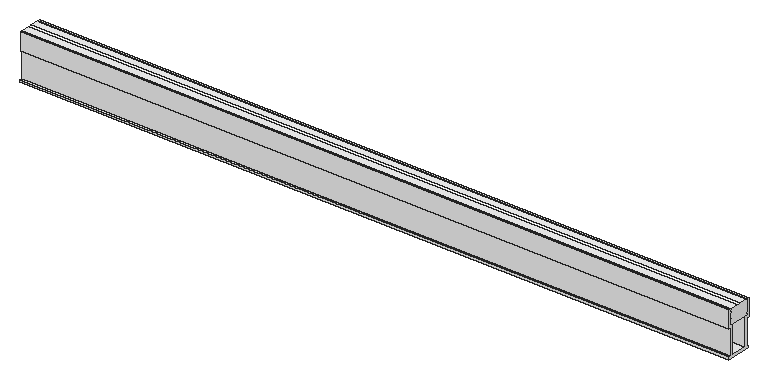
Revit family "4070755+4070745 Feilo Sylvania Lighting Fixture CURSUS 876MM 577LM WIDE LED 4K with FRAMED ROUGH IN HOUSING", category Lighting Fixtures, host Face, Revit 2017
Family settings
  Host = Face
  Round Connector Dimension = Use Diameter
  Part Type = Normal
  OmniClass Number = 23.80.70.14
  OmniClass Title = Luminaries for External Lighting
  Cut with Voids When Loaded = Yes
  Light Source = Yes
  Shared = No
  Room Calculation Point = No
Parameters (values of type "4070755 CURSUS 876MM 577LM WIDE LED 4K")
  Width = 30 mm
  Weight = "1.7 kg"
  Wattage Comments = "n/a"
  Wattage = 13.5 W
  WarrantyStartDate [instance] = "n/a"
  WarrantyGuarantorParts = "n/a"
  WarrantyDurationUnit = "n/a"
  WarrantyDurationParts = "n/a"
  WarrantyDescription = "n/a"
  built-in parameter 1150110 = 1 (stored number, unit not read)
  Voltage = 24 V
  URL = "http://www.sylvania-lighting.com"
  TypeName = "CURSUS 876MM 577LM WIDE LED 4K"
  Type Image = <None>
  Type Comments = "n/a"
  built-in parameter 1114217 = 1 (stored number, unit not read)
  Tilt Angle = -90.00°
  built-in parameter 1150109 = 1 (stored number, unit not read)
  built-in parameter 1150134 = 12
  built-in parameter 1150113 = 1 (stored number, unit not read)
  SerialNumber [instance] = "n/a"
  Material_3_FEILO = none
  PowerFactor = 0
  PowerConsumption = "13.5 W"
  Photometric Web File = "4070755.ies"
  NominalLength = 876 mm
  NominalHeight = 50 mm
  NominalDepth = Width  # 30 mm
  Name = "CURSUS 876MM 577LM WIDE LED 4K"
  ModelReference = Name  # "CURSUS 876MM 577LM WIDE LED 4K"
  ModelNumber = "4070755"
  Model = Name  # "CURSUS 876MM 577LM WIDE LED 4K"
  Material = "natural anodised extruded aluminium structure housing"
  ManufacturerName = "Feilo Sylvania"
  Manufacturer = "Feilo Sylvania"
  LuminousEfficacy = "42.74 lm/W"
  built-in parameter 1150105 = 318.43 (stored number, unit not read)
  Lumens = 577 lm
  LuminaireType = ""
  built-in parameter 1150115 = 1 (stored number, unit not read)
  LightOutputRatio = "100"
  built-in parameter 1150137 = (empty or 0)
  built-in parameter 1150139 = (empty or 0)
  LengthVoidExtrusionRight [instance] = if(EndCapRight, Length / 2, Length / 2 - 2.5 mm)  # 438.5 mm
  LengthVoidExtrusionLeft [instance] = if(EndCapLeft, Length / 2, Length / 2 - 2.5 mm)  # 438.5 mm
  Length = 882 mm
  LampsType = Lamp  # "LED"
  LampNominalLuminous = "577 lm"
  LampMacAdamStep = "n/a"
  LampColourTemperature = "4000 K"
  LampColourRenderingIndex = "80"
  built-in parameter 1150112 = 1 (stored number, unit not read)
  built-in parameter 1150114 = 1 (stored number, unit not read)
  Lamp = "LED"
  Keynote = "16500"
  InstallationDate [instance] = "n/a"
  InputVoltage = "24V DC"
  InputNominalFrequency = "n/a"
  built-in parameter 1150132 = (empty or 0)
  built-in parameter 1150102 = (empty or 0)
  built-in parameter 1150107 = 4000 (stored number, unit not read)
  built-in parameter 1150138 = (empty or 0)
  IngressProtection = "IP67"
  ImpactProtectionIndex = "IK07"
  built-in parameter 1150106 = 3.1843 (stored number, unit not read)
  IfcExportType = "IfcLightFixtureType"
  IfcExportAs = "IfcLightFixtureType"
  ExpectedLife = 50000
  EndCapRight [instance] = no
  EndCapLeft [instance] = no
  Emit from Rectangle Width = Width - 6 mm  # 24 mm
  Emit from Rectangle Length = Length - 6 mm  # 876 mm
  Emit Shape Visible in Rendering = no
  ElectricShockClassification = "Class III"
  built-in parameter 1150104 = 3.9707 (stored number, unit not read)
  DurationUnit = "hours"
  DocumentationLiterature = "http://www.sylvania-lighting.com/product/en-int/products/4070755"
  DimmingControlOptions = "n/a"
  Dimming Lamp Color Temperature Shift = <None>
  Material_2_FEILO = Diffuser-Sylvania-Glow
  Description = "LED Exterior Lighting Recessed Surface Mounted Linear Fixture, Natural anodised extruded aluminium structure. Die-cast aluminium end caps. Installation kit with harmonic steel springs., 577 lm, 13,5W,  42lm/W, 4000K, CRI80+,non dimmable,IP67, IK07, (HxWxD) 876x50x30mm, 3 step Mac Adam Ellipse, 1.7kg,, Classe III, 21-25V-DC, energy class : A++, A+, A"
  Default Elevation = 1219.2 mm
  CreatedOn = "1/8/2018"
  CreatedBy = ""
  Cost = 0
  Color Filter = 16777215
  built-in parameter 1114216 [instance] = (empty or 0)
  ClassificationValue = "EF_70_80"
  ClassificationName = "Uniclass2015"
  Material_1_FEILO = Body-Sylvania-Gray
  BarCode [instance] = "n/a"
  built-in parameter 1114218 = 1 (stored number, unit not read)
  built-in parameter 1150133 = 10 (stored number, unit not read)
  AssetType = "Fixed"
  AssetIdentifier [instance] = "n/a"
  Assembly Code = "D5020200"
  Apparent Load = 13.5 VA
  Material_4_FEILO = Diffuser-Sylvania-Glow
Reference planes
  plane 1 "Center (Front/Back)": y = 0
  plane 2: z = 0
  plane 3 "Center (Left/Right)": x = 0
  plane 4: y = 15
  plane 5: y = -15
  plane 6: x = 441
  plane 7: x = -441
  plane 8: x = -438.5
  plane 9: y = 12.5
  plane 10: y = -12.5
  plane 11: x = 438.5
  plane 12: z = -55
  plane 13: z = -52.5
  plane 14: z = -2
  plane 15: y = -10
  plane 16: z = -18
  plane 17: z = -20.5
  plane 18: y = 10
Forms (mm)
  Extrusion 1, solid, material "Body-Sylvania-Gray" <- "Material_1_FEILO"
    sketch origin (0, 0, -32.5) x (0, 1, 0) y (0, 0, 1)
      loop
        line (15, -22.5) -> (15, -20) -> (12.5, -20) -> (12.5, 12) -> (15, 12) -> (15, 32.5) -> (12.5, 32.5) -> (12.5, 14.5) -> (10, 14.5) -> (10, -20) -> (-10, -20) -> (-10, 14.5) -> (-12.5, 14.5) -> (-12.5, 32.5) -> (-15, 32.5) -> (-15, 12) -> (-12.5, 12) -> (-12.5, -20) -> (-15, -20) -> (-15, -22.5) -> (15, -22.5)
    from -438.5 to 438.5
  Extrusion 2, solid, material "Body-Sylvania-Gray" <- "Material_1_FEILO", visible <- "EndCapRight"
    sketch origin (441, 1524, 1219.2) x (0, 1, 0) y (0, 0, 1)
      loop
        line (-1539, -1274.2) -> (-1509, -1274.2) -> (-1509, -1219.2) -> (-1539, -1219.2) -> (-1539, -1274.2)
    from 0 to -2.5
  Extrusion 3, solid, material "Body-Sylvania-Gray" <- "Material_1_FEILO", visible <- "EndCapLeft"
    sketch origin (-441, 1524, 1219.2) x (0, 1, 0) y (0, 0, 1)
      loop
        line (-1539, -1274.2) -> (-1509, -1274.2) -> (-1509, -1219.2) -> (-1539, -1219.2) -> (-1539, -1274.2)
    from 0 to 2.5
  Extrusion 4, solid, material "Diffuser-Sylvania-Glow" <- "Material_2_FEILO"
    sketch origin (0, 0, 0) x (0, 1, 0) y (0, 0, 1)
      loop
        line (-12.5, 0) -> (-12.5, -18) -> (12.5, -18) -> (12.5, 0) -> (2, 0) -> (0, -2) -> (-2, 0) -> (-12.5, 0)
    from -438.5 to 438.5
  Extrusion 5, void
    sketch origin (0, 0, 0) x (1, 0, 0) y (0, 1, 0)
      loop
        line (-438.5, 15) -> (-438.5, -15) -> (438.5, -15) -> (438.5, 15) -> (-438.5, 15)
    from 0 to -55
Dimensions and locks
  equal spacing: plane 5, plane 1 "Center (Front/Back)", plane 4
  equal spacing: plane 7, plane 3 "Center (Left/Right)", plane 6
  "Length": plane 7 to plane 6
  equal spacing: plane 8, plane 3 "Center (Left/Right)", plane 11
  equal spacing: plane 10, plane 1 "Center (Front/Back)", plane 9
  locked: plane 5 to plane 10 at 2.5
  "Width": plane 5 to plane 4
  locked: plane 2 to plane 12 at 55
  locked: plane 12 to plane 13 at 2.5
  "LengthVoidExtrusionLeft": Extrusion 5 sketch curve to plane 3 "Center (Left/Right)"
  "LengthVoidExtrusionRight": plane 3 "Center (Left/Right)" to Extrusion 5 sketch curve
  plane 2 to plane 14 = 2 mm
  locked: plane 7 to plane 8 at 2.5
  locked: plane 2 to plane 16 at 18
  locked: plane 17 to plane 16 at 2.5
  equal spacing: plane 15, plane 1 "Center (Front/Back)", plane 18
  locked: plane 10 to plane 15 at 2.5
  locked: plane 14 to Extrusion 4 sketch curve (angle 45.00°)
  locked: Extrusion 4 sketch curve to plane 14 (angle 45.00°)
  aligned and locked: plane 2 to host face
  aligned and locked: level to host face
  aligned and locked: plane 4 to Extrusion 1 sketch curve
  aligned and locked: Extrusion 1 sketch curve to plane 5
  aligned and locked: plane 10 to Extrusion 1 sketch curve  (x2)
  aligned and locked: Extrusion 1 sketch curve to plane 9  (x2)
  aligned and locked: plane 8 to Extrusion 3
  aligned and locked: Extrusion 3 to plane 7
  aligned and locked: Extrusion 4 to plane 8
  aligned and locked: plane 11 to Extrusion 4
  aligned and locked: imposter light to plane 1 "Center (Front/Back)"
  aligned and locked: plane 3 "Center (Left/Right)" to imposter light
  aligned and locked: plane 12 to Extrusion 1
  aligned and locked: Extrusion 1 to plane 13
  aligned and locked: level to Extrusion 1  (x2)
  aligned and locked: plane 2 to imposter light
  aligned and locked: plane 11 to Extrusion 1
  aligned and locked: Extrusion 1 to plane 8
  aligned and locked: plane 12 to Extrusion 3 sketch curve
  aligned and locked: plane 5 to Extrusion 3 sketch curve
  aligned and locked: Extrusion 3 sketch curve to plane 4
  aligned and locked: Extrusion 2 sketch curve to plane 4
  aligned and locked: plane 5 to Extrusion 2 sketch curve
  aligned and locked: plane 12 to Extrusion 2 sketch curve
  aligned and locked: plane 9 to Extrusion 4 sketch curve
  aligned and locked: Extrusion 4 sketch curve to plane 10
  aligned and locked: Extrusion 5 sketch curve to plane 4
  aligned and locked: plane 5 to Extrusion 5 sketch curve
  aligned and locked: Extrusion 5 to Extrusion 1
  aligned and locked: level to Extrusion 5
  aligned and locked: plane 14 to Extrusion 4 sketch curve
  aligned and locked: Extrusion 4 sketch curve to plane 16
  aligned and locked: Extrusion 1 sketch curve to Extrusion 1 sketch curve  (x3)
  aligned and locked: Extrusion 1 sketch curve to Extrusion 4
  aligned and locked: plane 15 to Extrusion 1 sketch curve
  aligned and locked: plane 17 to Extrusion 1 sketch curve
  aligned and locked: plane 5 to Extrusion 1 sketch curve
  aligned and locked: Extrusion 1 sketch curve to plane 16
  aligned and locked: plane 18 to Extrusion 1 sketch curve
  aligned and locked: Extrusion 1 sketch curve to plane 17
  aligned and locked: Extrusion 1 sketch curve to Extrusion 2
Automatic sketch dimensions
  host sketch curve to host sketch curve = 2438.4 mm  (x2)
  Extrusion 3 sketch curve to level = 0 mm
  Extrusion 2 sketch curve to level = 0 mm
  Extrusion 4 sketch curve to level = 0 mm  (x2)
  Extrusion 4 sketch curve to plane 1 "Center (Front/Back)" = 0 mm
  plane 12 to Extrusion 1 sketch curve = 0 mm
  plane 13 to Extrusion 1 sketch curve = 0 mm
  Extrusion 1 sketch curve to level = 0 mm  (x2)
Connectors
  electrical at (0, 0, 0), driven by "Apparent Load", driven by "PowerFactor", driven by "Voltage"
    settings: index 1, voltage 24 V, apparent load 13.5 VA, apparent load phase1 0 VA, apparent load phase2 0 VA, apparent load phase3 0 VA, power factor 0, load classification "Lighting", number of poles 1, system type 30, power factor state 1, is connector primary yes, connector utility no, sub classification motor no, connector description ""
